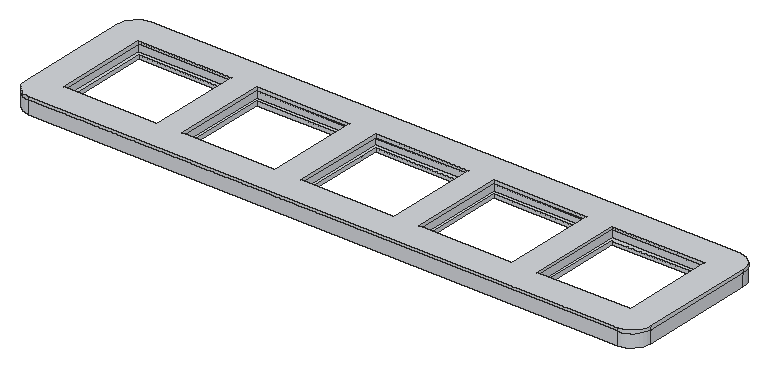
Revit family "Gira_0215416", category Electrical Fixtures, host Face, Revit 2017
Family settings
  Host = Face
  Maintain Annotation Orientation = No
  Round Connector Dimension = Use Diameter
  Part Type = Normal
  Cut with Voids When Loaded = No
  Shared = No
  Room Calculation Point = No
Parameters (values of type "Cov.fr. 5-g Gira E3 umber/p.white")
  URL = "http://katalog.gira.de/en/datenblatt.html?artikelnr=0215416"
  Transparent = "No"
  Name = "Cov.fr. 5-g Gira E3 umber/p.white"
  Manufacturer URL = "https://www.gira.de/"
  Manufacturer = "Gira"
  Keynote = ""
  HeinzeBIM = "https://bimportal.heinze.de/bim/cov-fr-5-g-gira-e3-umber-p-white/dcf4579758d28dada76b88ad14ad69542ad946f1"
  HAN = "0215416"
  GTIN = "4010337024439"
  Description = "Cov.fr.5g E3 UmPw,Gira E3 cover frame,umber soft touch with pure white glossy intermediate frame,5-gang,Features:,- Shatter-proof.,,Notes :,- Soft-touch surface,- NCS value: approx. NCS S 7010-Y10R"
  Default Elevation = 1219.2 mm
  Data sheet (1) = "https://katalog.gira.de/en/download.html?artikelnr=0215416"
  Category = "Cover frame for domestic switching devices"
  BIM (1) = "https://media.stage.bim.site/public/gira/36a6b08/E3_Rahmen_5fach.rfa"
  Available = "No"
Reference planes
  plane 1 "Center (Front/Back)": y = 0
  plane 2: z = 0
  plane 3 "Center (Left/Right)": x = 0
Forms (mm)
  Extrusion 1, solid, detail levels fine
    sketch origin (0, 0, 0) x (1, 0, 0) y (0, 1, 0)
      loop
        arc (-177.4, 45.809) -> (-185.185, 42.585) -> (-188.409, 34.8) r 11.009
        line (-188.409, 34.8) -> (-188.409, -34.8)
        arc (-188.409, -34.8) -> (-185.185, -42.585) -> (-177.4, -45.809) r 11.009
        line (-177.4, -45.809) -> (177.4, -45.809)
        arc (177.4, -45.809) -> (185.185, -42.585) -> (188.409, -34.8) r 11.009
        line (188.409, -34.8) -> (188.409, 34.8)
        arc (188.409, 34.8) -> (185.185, 42.585) -> (177.4, 45.809) r 11.009
        line (177.4, 45.809) -> (-177.4, 45.809)
      loop
        line (-114.5, 28.187) -> (-170.756, 28.187) -> (-170.756, -28.187) -> (-114.5, -28.187) -> (-114.5, 28.187)
      loop
        line (-99.6, 28.187) -> (-99.6, -28.187) -> (-43.344, -28.187) -> (-43.344, 28.187) -> (-99.6, 28.187)
      loop
        line (114.5, 28.187) -> (114.5, -28.187) -> (170.756, -28.187) -> (170.756, 28.187) -> (114.5, 28.187)
      loop
        line (28.301, 28.187) -> (-27.955, 28.187) -> (-27.955, -28.187) -> (28.301, -28.187) -> (28.301, 28.187)
      loop
        line (43.143, 28.187) -> (43.143, -28.187) -> (99.399, -28.187) -> (99.399, 28.187) -> (43.143, 28.187)
    from 7.65 to 9.5
  Extrusion 2, solid, detail levels fine
    sketch origin (-142.8, 0, 0) x (1, 0, 0) y (0, 1, 0)
      loop
        line (26.1, 25.7) -> (-25.7, 25.7) -> (-25.7, -25.7) -> (26.1, -25.7) -> (26.1, 25.7)
      loop
        line (-28.187, -28.156) -> (28.187, -28.156) -> (28.187, 28.156) -> (-28.187, 28.156) -> (-28.187, -28.156)
    from 1.65 to 3.9
  Extrusion 3, solid, detail levels fine
    sketch origin (0, 0, 0) x (1, 0, 0) y (0, 1, 0)
      loop
        arc (-177.4, 45.809) -> (-185.185, 42.585) -> (-188.409, 34.8) r 11.009
        line (-188.409, 34.8) -> (-188.409, -34.8)
        arc (-188.409, -34.8) -> (-185.185, -42.585) -> (-177.4, -45.809) r 11.009
        line (-177.4, -45.809) -> (177.4, -45.809)
        arc (177.4, -45.809) -> (185.185, -42.585) -> (188.409, -34.8) r 11.009
        line (188.409, -34.8) -> (188.409, 34.8)
        arc (188.409, 34.8) -> (185.185, 42.585) -> (177.4, 45.809) r 11.009
        line (177.4, 45.809) -> (-177.4, 45.809)
      loop
        line (-186.443, 34.785) -> (-186.443, -34.785)
        arc (-186.443, -34.785) -> (-183.79, -41.19) -> (-177.385, -43.843) r 9.058
        line (-177.385, -43.843) -> (177.385, -43.843)
        arc (177.385, -43.843) -> (183.79, -41.19) -> (186.443, -34.785) r 9.058
        line (186.443, -34.785) -> (186.443, 34.785)
        arc (186.443, 34.785) -> (183.79, 41.19) -> (177.385, 43.843) r 9.058
        line (177.385, 43.843) -> (-177.385, 43.843)
        arc (-177.385, 43.843) -> (-183.79, 41.19) -> (-186.443, 34.785) r 9.058
    from 0 to 7.65
  Extrusion 4, solid, detail levels fine
    sketch origin (-35.75, 0, 0) x (1, 0, 0) y (0, 1, 0)
      loop
        line (-134.256, -31.075) -> (205.755, -31.075)
        arc (205.755, -31.075) -> (208.399, -29.98) -> (209.494, -27.337) r 3.739
        line (209.494, -27.337) -> (209.494, 27.337)
        arc (209.494, 27.337) -> (208.399, 29.98) -> (205.755, 31.075) r 3.739
        line (205.755, 31.075) -> (-134.256, 31.075)
        arc (-134.256, 31.075) -> (-136.899, 29.98) -> (-137.994, 27.337) r 3.739
        line (-137.994, 27.337) -> (-137.994, -27.337)
        arc (-137.994, -27.337) -> (-136.899, -29.98) -> (-134.256, -31.075) r 3.739
      loop
        line (-136.844, 27.537) -> (-136.844, -27.537)
        arc (-136.844, -27.537) -> (-136.145, -29.226) -> (-134.456, -29.925) r 2.389
        line (-134.456, -29.925) -> (205.955, -29.925)
        arc (205.955, -29.925) -> (207.644, -29.226) -> (208.344, -27.537) r 2.389
        line (208.344, -27.537) -> (208.344, 27.537)
        arc (208.344, 27.537) -> (207.644, 29.226) -> (205.955, 29.925) r 2.389
        line (205.955, 29.925) -> (-134.456, 29.925)
        arc (-134.456, 29.925) -> (-136.145, 29.226) -> (-136.844, 27.537) r 2.389
    from 1.65 to 7.65
  Extrusion 5, solid, detail levels fine
    sketch origin (0, 0, 0) x (1, 0, 0) y (0, 1, 0)
      loop
        line (-174.653, -39.8) -> (174.653, -39.8)
        arc (174.653, -39.8) -> (180.267, -36.708) -> (182.5, -30.7) r 9.2
        line (182.5, -30.7) -> (182.5, 30.7)
        arc (182.5, 30.7) -> (179.805, 37.205) -> (173.3, 39.9) r 9.2
        line (173.3, 39.9) -> (-173.3, 39.9)
        arc (-173.3, 39.9) -> (-179.805, 37.205) -> (-182.5, 30.7) r 9.2
        line (-182.5, 30.7) -> (-182.5, -30.7)
        arc (-182.5, -30.7) -> (-180.267, -36.708) -> (-174.653, -39.8) r 9.2
      loop
        line (-173.3, -31.7) -> (173.3, -31.7)
        arc (173.3, -31.7) -> (174.007, -31.407) -> (174.3, -30.7) r 1
        line (174.3, -30.7) -> (174.3, 30.7)
        arc (174.3, 30.7) -> (174.007, 31.407) -> (173.3, 31.7) r 1
        line (173.3, 31.7) -> (-173.3, 31.7)
        arc (-173.3, 31.7) -> (-174.007, 31.407) -> (-174.3, 30.7) r 1
        line (-174.3, 30.7) -> (-174.3, -30.7)
        arc (-174.3, -30.7) -> (-174.007, -31.407) -> (-173.3, -31.7) r 1
    from 1.65 to 3.9
  Extrusion 6, solid, detail levels fine
    sketch origin (-142.8, 0, 0) x (1, 0, 0) y (0, 1, 0)
      loop
        line (-28.187, 28.156) -> (-28.187, -28.156) -> (28.187, -28.156) -> (28.187, 28.156) -> (-28.187, 28.156)
      loop
        line (-29.925, 29.925) -> (-29.925, -29.925) -> (29.925, -29.925) -> (29.925, 29.925) -> (-29.925, 29.925)
    from 1.65 to 7.65
  Extrusion 7, solid, detail levels coarse+medium
    sketch origin (0, 0, 0) x (1, 0, 0) y (0, 1, 0)
      loop
        line (-188.409, 45.809) -> (-188.409, -45.809) -> (188.409, -45.809) -> (188.409, 45.809) -> (-188.409, 45.809)
    from 0 to 9.5
  Extrusion 8, solid, detail levels fine
    sketch origin (-71.3, 0, 0) x (-1, 0, 0) y (0, -1, 0)
      loop
        line (25.9, -25.7) -> (25.9, 25.7) -> (-25.9, 25.7) -> (-25.9, -25.7) -> (25.9, -25.7)
      loop
        line (-28.187, 28.156) -> (-28.187, -28.156) -> (28.187, -28.156) -> (28.187, 28.156) -> (-28.187, 28.156)
    from 1.65 to 3.9
  Extrusion 9, solid, detail levels fine
    sketch origin (-71.3, 0, 0) x (-1, 0, 0) y (0, -1, 0)
      loop
        line (-28.187, -28.156) -> (28.187, -28.156) -> (28.187, 28.156) -> (-28.187, 28.156) -> (-28.187, -28.156)
      loop
        line (-29.925, -29.925) -> (29.925, -29.925) -> (29.925, 29.925) -> (-29.925, 29.925) -> (-29.925, -29.925)
    from 1.65 to 7.65
  Extrusion 10, solid, detail levels fine
    sketch origin (0.2, 0, 0) x (-1, 0, 0) y (0, -1, 0)
      loop
        line (26.1, -25.7) -> (26.1, 25.7) -> (-25.7, 25.7) -> (-25.7, -25.7) -> (26.1, -25.7)
      loop
        line (-28.187, 28.156) -> (-28.187, -28.156) -> (28.187, -28.156) -> (28.187, 28.156) -> (-28.187, 28.156)
    from 1.65 to 3.9
  Extrusion 11, solid, detail levels fine
    sketch origin (0.2, 0, 0) x (-1, 0, 0) y (0, -1, 0)
      loop
        line (-28.187, -28.156) -> (28.187, -28.156) -> (28.187, 28.156) -> (-28.187, 28.156) -> (-28.187, -28.156)
      loop
        line (-29.925, -29.925) -> (29.925, -29.925) -> (29.925, 29.925) -> (-29.925, 29.925) -> (-29.925, -29.925)
    from 1.65 to 7.65
  Extrusion 12, solid, detail levels fine
    sketch origin (71.5, 0, 0) x (-1, 0, 0) y (0, -1, 0)
      loop
        line (26.1, -25.7) -> (26.1, 25.7) -> (-25.7, 25.7) -> (-25.7, -25.7) -> (26.1, -25.7)
      loop
        line (-28.187, 28.156) -> (-28.187, -28.156) -> (28.187, -28.156) -> (28.187, 28.156) -> (-28.187, 28.156)
    from 1.65 to 3.9
  Extrusion 13, solid, detail levels fine
    sketch origin (71.5, 0, 0) x (-1, 0, 0) y (0, -1, 0)
      loop
        line (-28.187, -28.156) -> (28.187, -28.156) -> (28.187, 28.156) -> (-28.187, 28.156) -> (-28.187, -28.156)
      loop
        line (-29.925, -29.925) -> (29.925, -29.925) -> (29.925, 29.925) -> (-29.925, 29.925) -> (-29.925, -29.925)
    from 1.65 to 7.65
  Extrusion 14, solid, detail levels fine
    sketch origin (142.8, 0, 0) x (-1, 0, 0) y (0, -1, 0)
      loop
        line (26.1, -25.7) -> (26.1, 25.7) -> (-25.7, 25.7) -> (-25.7, -25.7) -> (26.1, -25.7)
      loop
        line (-28.187, 28.156) -> (-28.187, -28.156) -> (28.187, -28.156) -> (28.187, 28.156) -> (-28.187, 28.156)
    from 1.65 to 3.9
  Extrusion 15, solid, detail levels fine
    sketch origin (142.8, 0, 0) x (-1, 0, 0) y (0, -1, 0)
      loop
        line (-28.187, -28.156) -> (28.187, -28.156) -> (28.187, 28.156) -> (-28.187, 28.156) -> (-28.187, -28.156)
      loop
        line (-29.925, -29.925) -> (29.925, -29.925) -> (29.925, 29.925) -> (-29.925, 29.925) -> (-29.925, -29.925)
    from 1.65 to 7.65
Dimensions and locks
  aligned and locked: plane 2 to host face
  aligned and locked: level to host face
